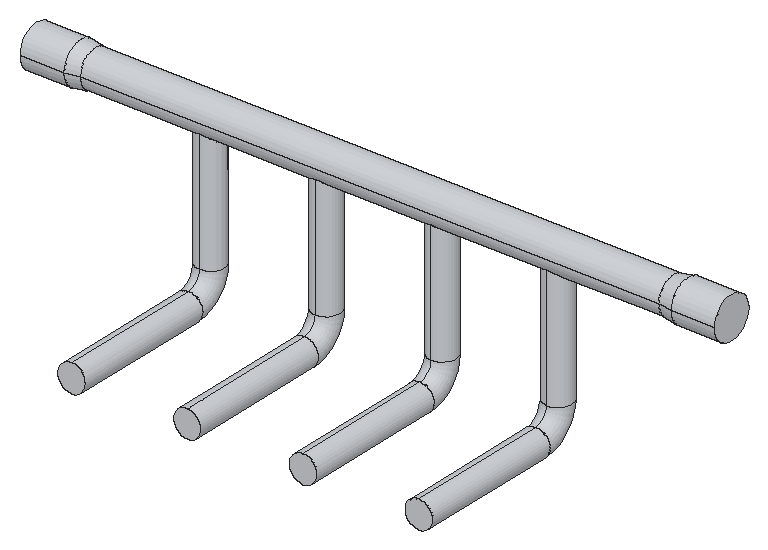
Revit family
Parameters (values of type "46.4kW 이하 (4실)")
  URL = "http://www.samsungb2b.co.kr"
  Radius_OutletOD = Radius_Outlet + 0.9 mm  # 5.65 mm
  Radius_Outlet = Diameter_Outlet * 0.5  # 4.75 mm
  Radius_InletOD = Radius_Inlet + 0.9 mm  # 7.25 mm
  Radius_Inlet = Diameter_Inlet * 0.5  # 6.35 mm
  Model = "AXJ-HA2512*"  # constant formula
  Manufacturer = "SAMSUNG ELECTRONICS CO., LTD."  # constant formula
  Length_W = 60.0 mm
  Length_L = 240.0 mm
  Length_H = 55.6 mm
  EHP-ACC_07 = "AXJ-HA2512*"
  EHP-ACC_06 = "46.4kW 이하 (4실)"
  EHP-ACC_05 = "헤더 분기관 (액관)"
  EHP-ACC_04 = ""
  EHP-ACC_03 = "설치 액세서리"
  EHP-ACC_02 = 1
  EHP-ACC_01 = ""
  Distance_D2 = 40.0 mm
  Distance_D1 = 60.0 mm
  Diameter_Outlet = 9.5 mm
  Diameter_Inlet = 12.7 mm
Reference planes
  plane 1 "Center (Front/Back)": y = 0
  plane 2: z = 0
  plane 3 "Center (Left/Right)": x = 0
  plane 4: x = -120
  plane 5: x = 120
  plane 6: y = -60
  plane 7: z = -55.6
  plane 8 "가지관1": x = -60
  plane 9: x = 105.01
  plane 10: x = 100
  plane 11: x = -60
  plane 12: x = -20
  plane 13: x = 20
  plane 14: x = 60
  plane 15: x = -105.01
  plane 16: x = -100.01
Forms (mm)
  Sweep 1, solid
    path origin (0, 0, 0) x (1, 0, 0) y (0, 1, 0)
      loop
        line (-120, 0) -> (120, 0)
    profile "Profile_Circle : Profile_Circle_Inlet" origin (0, 0, 0) x (0, 1, 0) y (0, 0, 1)
      loop
        circle (0, 0) r 6.35
  Sweep 2, solid
    path origin (-60, 0, 0) x (0, 1, 0) y (0, 0, 1)
      loop
        line (0, 0) -> (0, -46.1)
        arc (0, -46.1) -> (-2.782, -52.818) -> (-9.5, -55.6) r 9.5
        line (-9.5, -55.6) -> (-60, -55.6)
    profile "Profile_Circle : Profile_Circle_Outlet" origin (-60, 0, -23.05) x (0, 1, 0) y (1, 0, 0)
      loop
        circle (0, 0) r 4.75
  Revolve 3, solid
    sketch origin (0, 0, 0) x (1, 0, 0) y (0, 1, 0)
      loop
        line (120, 0) -> (120, 7.25) -> (105.01, 7.25) -> (100, 6.35) -> (100, 0) -> (120, 0)
      axis (120, 0) -> (100, 0)
    angle from 0 to 360
  Sweep 4, solid
    path origin (-60, 0, 0) x (0, 1, 0) y (0, 0, 1)
      loop
        line (0, 0) -> (0, -46.1)
        arc (0, -46.1) -> (-2.782, -52.818) -> (-9.5, -55.6) r 9.5
        line (-9.5, -55.6) -> (-60, -55.6)
    profile "Profile_Circle : Profile_Circle_Outlet" origin (-60, 0, -23.05) x (0, 1, 0) y (1, 0, 0)
      loop
        circle (0, 0) r 4.75
  Sweep 5, solid
    path origin (-20, 0, 0) x (0, 1, 0) y (0, 0, 1)
      loop
        line (0, 0) -> (0, -46.1)
        arc (0, -46.1) -> (-2.782, -52.818) -> (-9.5, -55.6) r 9.5
        line (-9.5, -55.6) -> (-60, -55.6)
    profile "Profile_Circle : Profile_Circle_Outlet" origin (-20, 0, -23.05) x (0, 1, 0) y (1, 0, 0)
      loop
        circle (0, 0) r 4.75
  Sweep 6, solid
    path origin (20, 0, 0) x (0, 1, 0) y (0, 0, 1)
      loop
        line (0, 0) -> (0, -46.1)
        arc (0, -46.1) -> (-2.782, -52.818) -> (-9.5, -55.6) r 9.5
        line (-9.5, -55.6) -> (-60, -55.6)
    profile "Profile_Circle : Profile_Circle_Outlet" origin (20, 0, -23.05) x (0, 1, 0) y (1, 0, 0)
      loop
        circle (0, 0) r 4.75
  Sweep 7, solid
    path origin (60, 0, 0) x (0, 1, 0) y (0, 0, 1)
      loop
        line (0, 0) -> (0, -46.1)
        arc (0, -46.1) -> (-2.782, -52.818) -> (-9.5, -55.6) r 9.5
        line (-9.5, -55.6) -> (-60, -55.6)
    profile "Profile_Circle : Profile_Circle_Outlet" origin (60, 0, -23.05) x (0, 1, 0) y (1, 0, 0)
      loop
        circle (0, 0) r 4.75
  Revolve 8, solid
    sketch origin (0, 0, 0) x (1, 0, 0) y (0, 1, 0)
      loop
        line (-120, 0) -> (-100.01, 0) -> (-100.01, 6.35) -> (-104.854, 7.25) -> (-120, 7.25) -> (-120, 0)
      axis (-120, 0) -> (-100.01, 0)
    angle from 0 to 360
Cuts and joins
  joined: Sweep 1, Revolve 3, Sweep 4, Sweep 5, Sweep 6, Sweep 7, Revolve 8
Dimensions and locks
  equal spacing: plane 4, plane 3 "Center (Left/Right)", plane 5
  "Length_W": plane 6 to plane 1 "Center (Front/Back)"
  "Length_L": plane 4 to plane 5
  "Length_H": plane 7 to plane 2
  "Length_H": level to plane 7
  "Distance_D1": plane 4 to plane 8 "가지관1"
  "Radius_InletOD": plane 1 "Center (Front/Back)" to Revolve 3 sketch curve
  "Radius_Inlet": plane 1 "Center (Front/Back)" to Revolve 3 sketch curve
  "Radius_InletOD": plane 1 "Center (Front/Back)" to Revolve 8 sketch curve
  "Radius_Inlet": plane 1 "Center (Front/Back)" to Revolve 8 sketch curve
  plane 9 to plane 5 = 14.99 mm
  plane 10 to plane 9 = 5.01 mm
  plane 4 to plane 15 = 14.99 mm
  plane 15 to plane 16 = 5.0 mm
  "Distance_D2": plane 11 to plane 12
  equal spacing: plane 11, plane 12, plane 13, plane 14
  "Diameter_Outlet": radius of Sweep 2 sketch curve
  "Diameter_Outlet": radius of Sweep 4 sketch curve
  "Diameter_Outlet": radius of Sweep 5 sketch curve
  "Diameter_Outlet": radius of Sweep 6 sketch curve
  "Diameter_Outlet": radius of Sweep 7 sketch curve
  aligned and locked: plane 1 "Center (Front/Back)" to Revolve 3 sketch curve
  aligned and locked: plane 9 to Revolve 3 sketch curve
  aligned and locked: Revolve 3 sketch curve to plane 10
  aligned and locked: plane 5 to Revolve 3 sketch curve
  aligned and locked: Revolve 8 sketch curve to plane 1 "Center (Front/Back)"
  aligned and locked: plane 16 to Revolve 8 sketch curve
Automatic sketch dimensions
  plane 1 "Center (Front/Back)" to Sweep 1 sketch curve = 0.0 mm
  Sweep 1 sketch curve to plane 4 = 0.0 mm
  Sweep 1 sketch curve to plane 5 = 0.0 mm
  Sweep 2 sketch curve to plane 6 = 0.0 mm
  Sweep 2 sketch curve to plane 7 = 0.0 mm
  Sweep 2 sketch curve to plane 1 "Center (Front/Back)" = 0.0 mm
  Sweep 2 sketch curve to level = 0.0 mm
  Revolve 3 sketch curve to plane 5 = 0.0 mm
  plane 1 "Center (Front/Back)" to Revolve 3 sketch curve = 0.0 mm
  Sweep 4 sketch curve to plane 6 = 0.0 mm
  Sweep 4 sketch curve to plane 7 = 0.0 mm
  Sweep 4 sketch curve to plane 1 "Center (Front/Back)" = 0.0 mm
  Sweep 4 sketch curve to level = 0.0 mm
  Sweep 5 sketch curve to plane 6 = 0.0 mm
  Sweep 5 sketch curve to plane 7 = 0.0 mm
  Sweep 5 sketch curve to plane 1 "Center (Front/Back)" = 0.0 mm
  Sweep 5 sketch curve to level = 0.0 mm
  Sweep 6 sketch curve to plane 6 = 0.0 mm
  Sweep 6 sketch curve to plane 7 = 0.0 mm
  Sweep 6 sketch curve to plane 1 "Center (Front/Back)" = 0.0 mm
  Sweep 6 sketch curve to level = 0.0 mm
  Sweep 7 sketch curve to plane 6 = 0.0 mm
  Sweep 7 sketch curve to plane 7 = 0.0 mm
  Sweep 7 sketch curve to plane 1 "Center (Front/Back)" = 0.0 mm
  Sweep 7 sketch curve to level = 0.0 mm
  Revolve 8 sketch curve to plane 4 = 0.0 mm  (x2)
  plane 1 "Center (Front/Back)" to Revolve 8 sketch curve = 0.0 mm
  Revolve 8 sketch curve to plane 8 "가지관1" = 0.0 mm
  plane 15 to Revolve 8 sketch curve = 0.156 mm
  Revolve 3 sketch curve to Revolve 3 sketch curve = 28.004 mm
Connectors
  piping at (-120, 0, 0), driven by "Radius_Inlet"
    settings: on cut or joined group of Sweep 1, Revolve 3, Sweep 4, Sweep 5, Sweep 6, Sweep 7, Revolve 8, index 1
  piping at (120, 0, 0), driven by "Radius_Inlet"
    settings: on cut or joined group of Sweep 1, Revolve 3, Sweep 4, Sweep 5, Sweep 6, Sweep 7, Revolve 8, index 2
  piping at (-60, -60, -55.6), driven by "Radius_Outlet"
    settings: on Sweep 2, index 3
  piping at (-20, -60, -55.6), driven by "Radius_Outlet"
    settings: on Sweep 5, index 4
  piping at (20, -60, -55.6), driven by "Radius_Outlet"
    settings: on Sweep 6, index 5
  piping at (60, -60, -55.6), driven by "Radius_Outlet"
    settings: on Sweep 7, index 6
